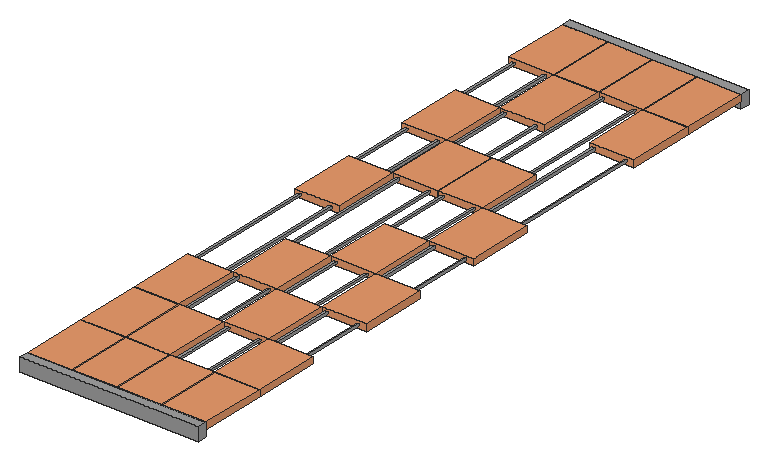
Revit family "LdA_ parete v madre_bucata", category Generic Models, host Face, Revit 2014
Parameters
  Default Elevation = 1219.2 mm
Reference planes
  plane 1 "Center (Front/Back)": y = 0
  plane 2: z = 0
  plane 3 "Center (Left/Right)": x = 0
  plane 4: x = -547.756
  plane 5: x = -547.756
  plane 6: x = 252.244
Dimensions and locks
  aligned and locked: plane 2 to host face
  aligned and locked: level to host face
Nested families
  nested 1: "LdA_ parete v ancoraggio" at (-547.756, 2655.346, 0), type "LdA_ parete v ancoraggio"
  nested 2: "LdA_ parete v ancoraggio" at (-547.756, -384.589, 0), type "LdA_ parete v ancoraggio"
  nested 3: "LdA_ parete v cavo" at (-522.006, -344.589, 38.224) x (-1, 0, 0) z (0, 1, 0), type "LdA_ parete v cavo"
  nested 4: "LdA_ parete v cavo" at (-382.006, -344.589, 48.192) x (0, 0, -1) z (0, 1, 0), type "LdA_ parete v cavo"
  nested 5: "LdA_ parete v laterizio" at (-347.756, -344.589, 30) x (-1, 0, 0) z (0, 1, 0), type "LdA_ parete v laterizio"
  nested 6: "LdA_ parete v laterizio" at (-547.756, -44.589, 60.002) x (1, 0, 0) z (0, 1, 0), type "LdA_ parete v laterizio"
  nested 7: "LdA_ parete v laterizio" at (-347.756, 255.411, 30.001) x (-1, 0, 0) z (0, 1, 0), type "LdA_ parete v laterizio"
  nested 8: "LdA_ parete v laterizio" at (-547.755, 1155.411, 60.009) x (1, 0, 0) z (0, 1, 0), type "LdA_ parete v laterizio"
  nested 9: "LdA_ parete v laterizio" at (-547.755, 1755.411, 60.009) x (1, 0, 0) z (0, 1, 0), type "LdA_ parete v laterizio"
  nested 10: "LdA_ parete v laterizio" at (-547.755, 2355.411, 60.017) x (1, 0, 0) z (0, 1, 0), type "LdA_ parete v laterizio"
  nested 11: "LdA_ parete v cavo" at (-322.006, -344.589, 38.224) x (-1, 0, 0) z (0, 1, 0), type "LdA_ parete v cavo"
  nested 12: "LdA_ parete v cavo" at (-182.006, -344.589, 48.192) x (0, 0, -1) z (0, 1, 0), type "LdA_ parete v cavo"
  nested 13: "LdA_ parete v laterizio" at (-147.756, -344.589, 30) x (-1, 0, 0) z (0, 1, 0), type "LdA_ parete v laterizio"
  nested 14: "LdA_ parete v laterizio" at (-347.756, -44.589, 60.002) x (1, 0, 0) z (0, 1, 0), type "LdA_ parete v laterizio"
  nested 15: "LdA_ parete v laterizio" at (-347.756, 555.411, 60.009) x (1, 0, 0) z (0, 1, 0), type "LdA_ parete v laterizio"
  nested 16: "LdA_ parete v laterizio" at (-147.755, 1455.411, 30.009) x (-1, 0, 0) z (0, 1, 0), type "LdA_ parete v laterizio"
  nested 17: "LdA_ parete v laterizio" at (-147.755, 2055.411, 30.012) x (-1, 0, 0) z (0, 1, 0), type "LdA_ parete v laterizio"
  nested 18: "LdA_ parete v laterizio" at (-347.755, 2355.411, 60.017) x (1, 0, 0) z (0, 1, 0), type "LdA_ parete v laterizio"
  nested 19: "LdA_ parete v cavo" at (-122.006, -344.589, 38.224) x (-1, 0, 0) z (0, 1, 0), type "LdA_ parete v cavo"
  nested 20: "LdA_ parete v cavo" at (17.994, -344.589, 48.192) x (0, 0, -1) z (0, 1, 0), type "LdA_ parete v cavo"
  nested 21: "LdA_ parete v laterizio" at (52.244, -344.589, 30) x (-1, 0, 0) z (0, 1, 0), type "LdA_ parete v laterizio"
  nested 22: "LdA_ parete v laterizio" at (52.244, 255.411, 30.001) x (-1, 0, 0) z (0, 1, 0), type "LdA_ parete v laterizio"
  nested 23: "LdA_ parete v laterizio" at (52.245, 855.411, 30.009) x (-1, 0, 0) z (0, 1, 0), type "LdA_ parete v laterizio"
  nested 24: "LdA_ parete v laterizio" at (52.245, 1455.411, 30.009) x (-1, 0, 0) z (0, 1, 0), type "LdA_ parete v laterizio"
  nested 25: "LdA_ parete v laterizio" at (-147.755, 2355.411, 60.017) x (1, 0, 0) z (0, 1, 0), type "LdA_ parete v laterizio"
  nested 26: "LdA_ parete v cavo" at (77.994, -344.589, 38.224) x (-1, 0, 0) z (0, 1, 0), type "LdA_ parete v cavo"
  nested 27: "LdA_ parete v cavo" at (217.994, -344.589, 48.192) x (0, 0, -1) z (0, 1, 0), type "LdA_ parete v cavo"
  nested 28: "LdA_ parete v laterizio" at (252.244, -344.589, 30) x (-1, 0, 0) z (0, 1, 0), type "LdA_ parete v laterizio"
  nested 29: "LdA_ parete v laterizio" at (52.244, -44.589, 60.002) x (1, 0, 0) z (0, 1, 0), type "LdA_ parete v laterizio"
  nested 30: "LdA_ parete v laterizio" at (52.244, 555.411, 60.009) x (1, 0, 0) z (0, 1, 0), type "LdA_ parete v laterizio"
  nested 31: "LdA_ parete v laterizio" at (52.245, 1155.411, 60.009) x (1, 0, 0) z (0, 1, 0), type "LdA_ parete v laterizio"
  nested 32: "LdA_ parete v laterizio" at (252.245, 2055.411, 30.012) x (-1, 0, 0) z (0, 1, 0), type "LdA_ parete v laterizio"
  nested 33: "LdA_ parete v laterizio" at (52.245, 2355.411, 60.017) x (1, 0, 0) z (0, 1, 0), type "LdA_ parete v laterizio"
Definition of nested family "LdA_ parete v ancoraggio"
  Parameters (values of type "LdA_ parete v ancoraggio")
    spessore ancoraggio = 40 mm
    base ancoraggio = 800 mm
    altezza ancoraggio = 60 mm
    Default Elevation = 1219.2 mm
  Reference planes
    plane 1 "Center (Front/Back)": y = 0
    plane 2: z = 0
    plane 3 "Center (Left/Right)": x = 0
    plane 4: y = 40
    plane 5: x = 1219.2
    plane 6: z = 60
    plane 7: x = 800
  Forms (mm)
    Extrusion 1, solid
      sketch origin (0, 0, 0) x (1, 0, 0) y (0, 1, 0)
        loop
          line (-1219.2, 1219.2) -> (-1219.2, -1219.2) -> (1219.2, -1219.2) -> (1219.2, 1219.2) -> (-1219.2, 1219.2)
      from 0 to -304.8
    Extrusion 2, solid, material "LdA_alluminio"
      sketch origin (0, 0, 0) x (1, 0, 0) y (0, 1, 0)
        loop
          line (0, 40) -> (0, 0) -> (800, 0) -> (800, 40) -> (0, 40)
      from 0 to 60
  Dimensions and locks
    "altezza ancoraggio": plane 6 to Extrusion 1
    "spessore ancoraggio": plane 4 to plane 1 "Center (Front/Back)"
    "base ancoraggio": plane 3 "Center (Left/Right)" to plane 7
    aligned and locked: plane 2 to Extrusion 1
    aligned and locked: level to Extrusion 1
    aligned and locked: plane 6 to Extrusion 2
    aligned and locked: plane 1 "Center (Front/Back)" to Extrusion 2
    aligned and locked: Extrusion 2 to plane 3 "Center (Left/Right)"
    aligned and locked: plane 4 to Extrusion 2
    aligned and locked: plane 7 to Extrusion 2
  Automatic sketch dimensions
    Extrusion 1 sketch curve to Extrusion 1 sketch curve = 2438.4 mm  (x2)
    plane 1 "Center (Front/Back)" to Extrusion 2 sketch curve = 0 mm
    Extrusion 2 sketch curve to plane 3 "Center (Left/Right)" = 0 mm
    Extrusion 2 sketch curve to plane 5 = 419.2 mm
    Extrusion 2 sketch curve to plane 4 = 0 mm
Definition of nested family "LdA_ parete v cavo"
  Parameters (values of type "LdA_ parete v cavo")
    spessore cavo = 3000 mm
    lunghezza cavo = 10 mm
    Default Elevation = 1219.2 mm
  Reference planes
    plane 1 "Center (Front/Back)": y = 0
    plane 2: z = 0
    plane 3 "Center (Left/Right)": x = 0
    plane 4: x = 10
    plane 5: y = 10
    plane 6: z = 3000
  Forms (mm)
    Extrusion 1, solid
      sketch origin (0, 0, 0) x (1, 0, 0) y (0, 1, 0)
        loop
          line (-1219.2, 1219.2) -> (-1219.2, -1219.2) -> (1219.2, -1219.2) -> (1219.2, 1219.2) -> (-1219.2, 1219.2)
      from 0 to -304.8
    Extrusion 2, solid, material "LdA_ferro"
      sketch origin (0, 0, 0) x (1, 0, 0) y (0, 1, 0)
        loop
          line (0, 10) -> (0, 0) -> (10, 0) -> (10, 10) -> (0, 10)
      from 0 to 3000
  Dimensions and locks
    "lunghezza cavo": plane 5 to plane 1 "Center (Front/Back)"
    "lunghezza cavo": plane 3 "Center (Left/Right)" to plane 4
    "spessore cavo": plane 6 to Extrusion 1
    aligned and locked: plane 2 to Extrusion 1
    aligned and locked: level to Extrusion 1
    aligned and locked: plane 5 to Extrusion 2
    aligned and locked: plane 4 to Extrusion 2
    aligned and locked: plane 1 "Center (Front/Back)" to Extrusion 2
    aligned and locked: Extrusion 2 to plane 3 "Center (Left/Right)"
    aligned and locked: plane 6 to Extrusion 2
  Automatic sketch dimensions
    Extrusion 1 sketch curve to Extrusion 1 sketch curve = 2438.4 mm  (x2)
    plane 1 "Center (Front/Back)" to Extrusion 2 sketch curve = 0 mm
    Extrusion 2 sketch curve to plane 3 "Center (Left/Right)" = 0 mm
    Extrusion 2 sketch curve to plane 4 = 0 mm
    Extrusion 2 sketch curve to plane 5 = 0 mm
Definition of nested family "LdA_ parete v laterizio"
  Parameters (values of type "LdA_ parete v laterizio")
    spessore rivestimento = 30 mm
    base rivestimento = 200 mm
    altezza rivestimento = 300 mm
    Default Elevation = 1219.2 mm
  Reference planes
    plane 1 "Center (Front/Back)": y = 0
    plane 2: z = 0
    plane 3 "Center (Left/Right)": x = 0
    plane 4: y = 30
    plane 5: x = 200
    plane 6: z = 300
  Forms (mm)
    Extrusion 1, solid
      sketch origin (0, 0, 0) x (1, 0, 0) y (0, 1, 0)
        loop
          line (-1219.2, 1219.2) -> (-1219.2, -1219.2) -> (1219.2, -1219.2) -> (1219.2, 1219.2) -> (-1219.2, 1219.2)
      from 0 to -304.8
    Extrusion 2, solid, material "LdA_ laterizio"
      sketch origin (0, 0, 0) x (1, 0, 0) y (0, 1, 0)
        loop
          line (0, 30) -> (0, 0) -> (200, 0) -> (200, 30) -> (0, 30)
      from 0 to 300
  Dimensions and locks
    "spessore rivestimento": plane 4 to plane 1 "Center (Front/Back)"
    "base rivestimento": plane 3 "Center (Left/Right)" to plane 5
    "altezza rivestimento": plane 6 to Extrusion 1
    aligned and locked: plane 2 to Extrusion 1
    aligned and locked: level to Extrusion 1
    aligned and locked: Extrusion 2 sketch curve to plane 4
    aligned and locked: Extrusion 2 sketch curve to plane 5
    aligned and locked: Extrusion 2 sketch curve to plane 1 "Center (Front/Back)"
    aligned and locked: plane 3 "Center (Left/Right)" to Extrusion 2 sketch curve
    aligned and locked: plane 6 to Extrusion 2
  Automatic sketch dimensions
    Extrusion 1 sketch curve to Extrusion 1 sketch curve = 2438.4 mm  (x2)
